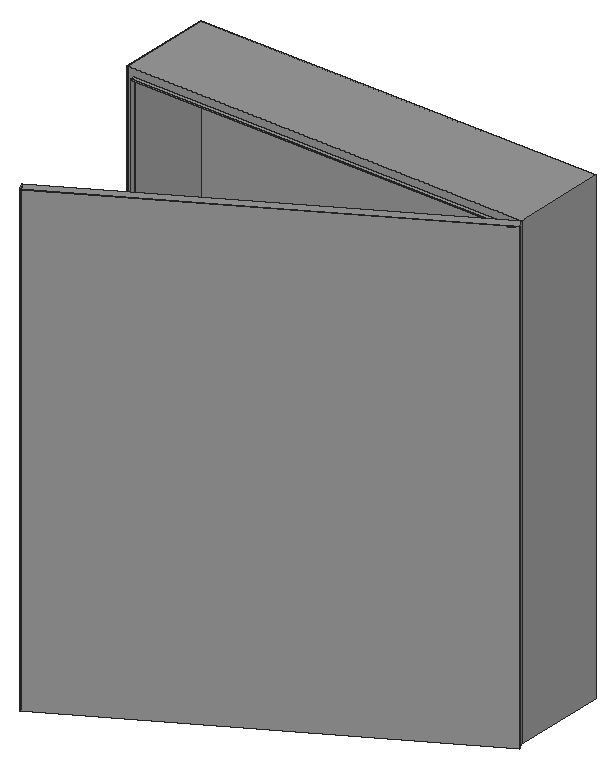
Revit family "Hager-Univers-IP54-D205-H950-Cl.II-Encl-NoHosted-PL-pl", category Electrical Equipment, Revit 2020
Family settings
  Panel Configuration = Two Columns, Circuits Across
  Round Connector Dimension = Use Diameter
  Part Type = Panelboard
  Work Plane-Based = Yes
  Always vertical = Yes
  Cut with Voids When Loaded = No
  Shared = No
  Room Calculation Point = No
Parameters (values of type "Montaż natynkowy IP54 S800 W950 G205  - FP63SW2")
  Width Control [instance] = if([EF000008 - Szerokość] > Min Width, [EF000008 - Szerokość], Min Width)  # 800 mm
  Type Comments = [HG000003 - Zakres]  # "Univers"
  Thickness Door [instance] = if([EF009171 - Drzwi/pokrywa z materiału o wysokiej wytrzymałości mechanicznej] > 3 mm, 3 mm, [EF009171 - Drzwi/pokrywa z materiału o wysokiej wytrzymałości mechanicznej])  # 1 mm
  Seal Frame Offset [instance] = 17 mm  # constant formula
  Plinth Visibility [instance] = [HG000027 - Wysokość cokołu] > 0 mm  # no
  Min Width [instance] = 100 mm  # constant formula
  Min Depth [instance] = (2 * [EF009170 - Obudowa z materiału o wysokiej wytrzymałości mechanicznej]) + 1 mm  # 3 mm
  Min Height [instance] = 100 mm  # constant formula
  Internal Frame Depth [instance] = (Door System Depth * 0.5)  # 9 mm
  Panel Name [instance] = ""  # (empty or 0)
  Model = ""
  HG000027 - Wysokość cokołu = 0 mm
  HG000026 - Stojąca = no
  HG000024 - Wysokość części dolnej = 600 mm
  HG000023 - Obudowa dwusekcyjna = no
  HG000016 - Widoczność drzwi w widoku 3D [instance] = yes
  HG000015 - Przestrzeń robocza - otwarcie drzwi [instance] = no
  HG000014 - Drzwi prawe [instance] = yes
  HG000013 - Drzwi lewe [instance] = not([HG000014 - Drzwi prawe])  # no
  HG000012 - Kąt otwarcia drzwi [instance] = 30.00°
  HG000010 - Drzwi asymetryczne = no
  HG000009 - Drzwi dwuskrzydłowe = no
  HG000006 - Montaż podtynkowy = no
  HG000004 - Referencja producenta = "FP63SW2"
  HG000003 - Zakres = "Univers"
  HG000002 - Z drzwiami lub pokrywą = yes
  Frame Offset Bottom [instance] = 10 mm  # constant formula
  Frame Offset [instance] = 15 mm  # constant formula
  EF015940 - Pokrywa z wyzwalaczem nadciśnieniowym = no
  EF011959 - Stopień ochrony (NEMA) = ""
  EF009554 - Liczba otworów pod flansze = 6
  EF009212 - Wykonanie pokrywy = "EV000116 - Zamknięty"
  EF009171 - Drzwi/pokrywa z materiału o wysokiej wytrzymałości mechanicznej = 1 mm
  EF009170 - Obudowa z materiału o wysokiej wytrzymałości mechanicznej = 1 mm
  EF008873 - Prąd znamionowy (In) = 250 A
  EF007800 - Do ochrony odgromowej = no
  EF006306 - Z zamkiem = no
  EF006244 - Transparentna pokrywa/drzwi = no
  EF005474 - Stopień ochrony (IP) = "EV006419 - IP54"
  EF004464 - Rodzaj drzwi = "EV002646 - Pojedynczy"
  EF004427 - Liczba modułów = 216
  EF004293 - Odporność udarowa = "EV006815 - IK09"
  EF003532 - Do zastosowań zewnętrznych = no
  EF002950 - Szerokość wyrażona liczbą modułów = 36
  EF001613 - Podtrzymanie funkcji = "EV000494 - Brak"
  EF001596 - Materiał obudowy = "EV000179 - Stal"
  EF001131 - Głębokość wewnętrzna = 130 mm
  EF001088 - Możliwość rozbudowy = yes
  EF000437 - Liczba wejść kablowych = 6
  EF000339 - Rodzaj pokrywy = "EV004216 - Drzwi"
  EF000266 - Liczba rzędów = 6
  EF000218 - Głębokość wbudowania = 205 mm
  EF000118 - Z płytą montażową = no
  EF000116 - Numer RAL = "9010"
  EF000049 - Głębokość = 205 mm
  EF000040 - Wysokość = 950 mm
  EF000008 - Szerokość = 800 mm
  EF000007 - Kolor = "EV000202 - Biały"
  EF000003 - Sposób montażu = "EV000384 - Montaż natynkowy"
  Door System Leaf Tolerance [instance] = 1.5 mm  # constant formula
  Door System Depth [instance] = 18 mm  # constant formula
  Door Height [instance] = Height Control - [HG000027 - Wysokość cokołu]  # 950 mm
  Description = ""
  Default Elevation = 1219.2 mm
  Connector Offset [instance] = Height Control / 2  # 475 mm
  Manufacturer = "Hager"  # constant formula
  Height Control [instance] = if([EF000040 - Wysokość] > Min Height, [EF000040 - Wysokość], Min Height)  # 950 mm
  Depth Control [instance] = if([EF000049 - Głębokość] > Min Depth, [EF000049 - Głębokość], Min Depth)  # 205 mm
  Bottom Top Plate Trim [instance] = 1.5 mm  # constant formula
  Plinth height Ctrl [instance] = if([HG000027 - Wysokość cokołu] > 0 mm, [HG000027 - Wysokość cokołu], 12 mm)  # 12 mm
Types (5, lengths in mm): name | Width Control | HG000010 - Drzwi asymetryczne | HG000009 - Drzwi dwuskrzydłowe | HG000004 - Referencja producenta | EF009554 - Liczba otworów pod flansze | EF004464 - Rodzaj drzwi | EF004427 - Liczba modułów | EF002950 - Szerokość wyrażona liczbą modułów | EF000437 - Liczba wejść kablowych | EF000008 - Szerokość
  Montaż natynkowy IP54 S1050 W950 G205  - FP64SW2 | 1050 | no | yes | "FP64SW2" | 8 | "EV003602 - Podwójny" | 288 | 48 | 8 | 1050
  Montaż natynkowy IP54 S1300 W950 G205  - FP65SW2 | 1300 | yes | yes | "FP65SW2" | 10 | "EV003602 - Podwójny" | 360 | 60 | 10 | 1300
  Montaż natynkowy IP54 S300 W950 G205  - FP61SW2 | 300 | no | no | "FP61SW2" | 2 | "EV002646 - Pojedynczy" | 72 | 12 | 2 | 300
  Montaż natynkowy IP54 S550 W950 G205  - FP62SW2 | 550 | no | no | "FP62SW2" | 4 | "EV002646 - Pojedynczy" | 144 | 24 | 4 | 550
  Montaż natynkowy IP54 S800 W950 G205  - FP63SW2 | 800 | no | no | "FP63SW2" | 6 | "EV002646 - Pojedynczy" | 216 | 36 | 6 | 800
Reference planes
  plane 1 "Center (Front/Back)": y = 0
  plane 2: z = 0
  plane 3 "Center (Left/Right)": x = 0
  plane 4: y = 0
  plane 5: y = 0
  plane 6: z = 0
  plane 7: x = -400
  plane 8: x = 400
  plane 9: x = 399
  plane 10: x = -399
  plane 11: z = 0
  plane 12: z = 1
  plane 13: y = -205
  plane 14: y = -1
  plane 15: x = 0
  plane 16: y = -187
  plane 17: y = -204
  plane 18: y = -186
  plane 19: x = -384
  plane 20: x = 384
  plane 21: z = 11
  plane 22: x = -383
  plane 23: x = 383
  plane 24: z = 0
  plane 25: z = 950
  plane 26: z = 950
  plane 27: z = 934
  plane 28: z = 949
Forms (mm)
  Extrusion 1, solid, material "Hager_Steel_RAL7035_Light_Grey", detail levels medium+fine
    sketch origin (-208.679, -4572, 0) x (-1, 0, 0) y (0, -1, 0)
      loop
        line (191.321, -4385) -> (-608.679, -4385) -> (-608.679, -4572) -> (191.321, -4572) -> (191.321, -4385)
    from 0 to 950
  Extrusion 2, void
    sketch origin (-350.771, -205, 1219.2) x (1, 0, 0) y (0, 0, 1)
      loop
        line (-48.229, -270.2) -> (-48.229, -1218.2) -> (749.771, -1218.2) -> (749.771, -270.2) -> (-48.229, -270.2)
    from -19 to -204
  Extrusion 3, void
    sketch origin (-290.084, -187, 1219.2) x (1, 0, 0) y (0, 0, 1)
      loop
        line (-93.916, -1208.2) -> (674.084, -1208.2) -> (674.084, -285.2) -> (-93.916, -285.2) -> (-93.916, -1208.2)
    from 0 to -1
  Extrusion 4, solid, material "Hager_Steel_RAL7035_Light_Grey", visible <- "Plinth Visibility", detail levels medium+fine
    sketch origin (0, 0, 0) x (1, 0, 0) y (0, 1, 0)
      loop
        line (-400, 0) -> (-400, -187) -> (400, -187) -> (400, 0) -> (-400, 0)
    from 0 to 12 <- "Plinth height Ctrl"
  Extrusion 5, solid, material "Hager_Steel_RAL7035_Light_Grey", detail levels coarse
    sketch origin (0, 0, 0) x (1, 0, 0) y (0, 1, 0)
      loop
        line (-400, 0) -> (-400, -205) -> (400, -205) -> (400, 0) -> (-400, 0)
    from 0 to 950 <- "Height Control"
  Sweep 6, void
    path in 3D
      loop
        line (-400, -187, 12) -> (400, -187, 12) -> (400, 0, 12) -> (-400, 0, 12) -> (-400, -187, 12)
    profile origin (-400, -93.5, 12) x (1, 0, 0) y (0, 0, 1)
      loop
        line (0, 0) -> (0, -1.5) -> (1.5, -1.5)
        arc (1.5, -1.5) -> (1.061, -0.439) -> (0, 0) r 1.5
  Extrusion 7, solid, material "Hager_Steel_RAL7035_Light_Grey", detail levels fine
    sketch origin (-400, -187, 0) x (1, 0, 0) y (0, 0, 1)
      loop
        line (16, 11) -> (784, 11) -> (784, 934) -> (16, 934) -> (16, 11)
      loop
        line (15, 10) -> (785, 10) -> (785, 935) -> (15, 935) -> (15, 10)
    from 0 to 9 <- "Internal Frame Depth"
Cuts and joins
  Extrusion 2, Extrusion 3 cuts Extrusion 1
  Sweep 6 cuts Extrusion 4
Lines and regions (mm)
  Masking region 1
    outline origin (0, 0, 0) x (1, 0, 0) y (0, 1, 0)
      loop
        line (-400, 0) -> (-400, -205) -> (400, -205) -> (400, 0) -> (-400, 0)
  Masking region 2, detail levels coarse
    outline origin (-290.084, -187, 1219.2) x (-1, 0, 0) y (0, 0, 1)
      loop
        line (-690.084, -1219.2) -> (109.916, -1219.2) -> (109.916, -269.2) -> (-690.084, -269.2) -> (-690.084, -1219.2)
  Masking region 3, detail levels coarse
    outline origin (0, 0, 0) x (0, 1, 0) y (0, 0, 1)
      loop
        line (0, 0) -> (0, 950) -> (-205, 950) -> (-205, 0) -> (0, 0)
  Masking region 4, visible <- "Plinth Visibility", detail levels medium+fine
    outline origin (0, 0, 0) x (0, 1, 0) y (0, 0, 1)
      loop
        line (-1.5, 12) -> (-185.5, 12)
        arc (-185.5, 12) -> (-185.939, 10.939) -> (-187, 10.5) r 1.5
        line (-187, 10.5) -> (-187, 0) -> (0, 0) -> (0, 10.5)
        arc (0, 10.5) -> (-1.061, 10.939) -> (-1.5, 12) r 1.5
  Masking region 5, detail levels medium+fine
    outline origin (0, 0, 594.038) x (0, 1, 0) y (0, 0, 1)
      loop
        line (0, -594.038) -> (0, 355.962) -> (-187, 355.962) -> (-187, -594.038) -> (0, -594.038)
  Masking region 6, detail levels medium+fine
    outline origin (-359.7, -187, 1211.883) x (-1, 0, 0) y (0, 0, 1)
      loop
        line (-759.7, -1211.883) -> (40.3, -1211.883) -> (40.3, -261.883) -> (-759.7, -261.883) -> (-759.7, -1211.883)
  Masking region 7, visible <- "Plinth Visibility", detail levels medium+fine
    outline origin (-320.334, -187, 1041.368) x (-1, 0, 0) y (0, 0, 1)
      loop
        line (-720.334, -1041.368) -> (79.666, -1041.368) -> (79.666, -1030.868)
        arc (79.666, -1030.868) -> (78.606, -1030.429) -> (78.166, -1029.368) r 1.5
        line (78.166, -1029.368) -> (-718.834, -1029.368)
        arc (-718.834, -1029.368) -> (-719.273, -1030.429) -> (-720.334, -1030.868) r 1.5
        line (-720.334, -1030.868) -> (-720.334, -1041.368)
  sketch lines
    curve 1: line (-400, 0, 12) -> (-400, -187, 12)
    curve 2: line (-400, -187, 12) -> (400, -187, 12)
    curve 3: line (400, 0, 12) -> (-400, 0, 12)
    curve 4: line (400, -187, 12) -> (400, 0, 12)
Dimensions and locks
  locked: plane 1 "Center (Front/Back)" to plane 5
  "EF009170 - Obudowa z materiału o wysokiej wytrzymałości mechanicznej": plane 7 to plane 10
  "EF009170 - Obudowa z materiału o wysokiej wytrzymałości mechanicznej": plane 8 to plane 9
  equal spacing: plane 7, plane 3 "Center (Left/Right)", plane 8
  "Width Control": plane 7 to plane 8
  "Depth Control": plane 4 to plane 13
  "EF009170 - Obudowa z materiału o wysokiej wytrzymałości mechanicznej": plane 4 to plane 14
  "Height Control": plane 25 to level
  "HG000027 - Wysokość cokołu": plane 11 to level
  "EF009170 - Obudowa z materiału o wysokiej wytrzymałości mechanicznej": plane 12 to plane 11
  "EF009170 - Obudowa z materiału o wysokiej wytrzymałości mechanicznej": plane 17 to plane 13
  "EF009170 - Obudowa z materiału o wysokiej wytrzymałości mechanicznej": plane 18 to plane 16
  "Frame Offset Bottom": plane 21 to plane 12
  "Frame Offset": plane 10 to plane 19
  "Frame Offset": plane 9 to plane 20
  "Door System Depth": plane 16 to plane 13
  "Seal Frame Offset": plane 7 to plane 22
  "Seal Frame Offset": plane 8 to plane 23
  "EF009170 - Obudowa z materiału o wysokiej wytrzymałości mechanicznej": plane 26 to plane 28
  "Frame Offset": plane 28 to plane 27
  "Connector Offset": plane 2 to connector elem
  "Bottom Top Plate Trim": profile plane to Sweep 6 sketch curve
  "Bottom Top Plate Trim": Sweep 6 sketch curve to Sweep 6 sketch curve
  "Plinth height Ctrl": Masking region 4 sketch curve to level
  "Plinth height Ctrl": Masking region 7 sketch curve to level
  "Thickness Door": Extrusion 7 sketch curve to Extrusion 7 sketch curve  (x4)
  "Bottom Top Plate Trim": radius of Sweep 6 sketch curve
  "Bottom Top Plate Trim": radius of Masking region 4 sketch curve  (x2)
  "Bottom Top Plate Trim": radius of Masking region 7 sketch curve  (x2)
  aligned and locked: Extrusion 2 sketch curve to plane 12
  aligned and locked: Extrusion 2 sketch curve to plane 9
  aligned and locked: Extrusion 2 sketch curve to plane 10
  aligned and locked: Extrusion 2 to plane 14
  aligned and locked: Extrusion 1 sketch curve to plane 4
  aligned and locked: plane 8 to Extrusion 1 sketch curve
  aligned and locked: plane 7 to Extrusion 1 sketch curve
  aligned and locked: Extrusion 2 to plane 18
  aligned and locked: Extrusion 3 sketch curve to plane 19
  aligned and locked: plane 20 to Extrusion 3 sketch curve
  aligned and locked: Extrusion 3 to Extrusion 2
  aligned and locked: Extrusion 3 sketch curve to plane 21
  aligned and locked: plane 3 "Center (Left/Right)" to nested 1
  aligned and locked: Extrusion 1 sketch curve to plane 16
  aligned and locked: Extrusion 4 sketch curve to cut or joined group of Extrusion 1, Extrusion 2, Extrusion 3
  aligned and locked: Masking region 1 sketch curve to plane 7
  aligned and locked: Masking region 1 sketch curve to plane 5
  aligned and locked: Masking region 1 sketch curve to plane 8
  aligned and locked: Masking region 2 sketch curve to level
  aligned and locked: level to Masking region 3 sketch curve
  aligned and locked: plane 1 "Center (Front/Back)" to Masking region 3 sketch curve
  aligned and locked: plane 13 to Masking region 3 sketch curve
  aligned and locked: plane 5 to Masking region 4 sketch curve
  aligned and locked: Masking region 2 sketch curve to plane 8
  aligned and locked: Masking region 2 sketch curve to plane 7
  aligned and locked: plane 7 to nested 2
  aligned and locked: nested 2 to plane 5
  aligned and locked: plane 5 to Masking region 5 sketch curve
  aligned and locked: plane 26 to Masking region 5 sketch curve
  aligned and locked: Extrusion 5 sketch curve to plane 8
  aligned and locked: Extrusion 5 sketch curve to plane 7
  aligned and locked: Extrusion 5 sketch curve to plane 5
  aligned and locked: Extrusion 3 sketch curve to plane 27
  aligned and locked: Extrusion 2 sketch curve to plane 28
  aligned and locked: Masking region 2 to plane 25
  aligned and locked: Extrusion 4 to plane 16
  aligned and locked: profile plane to Sweep 6 sketch curve
  aligned and locked: Masking region 5 sketch curve to plane 24
  aligned and locked: level to Masking region 4 sketch curve
  aligned and locked: Masking region 1 to plane 13
  aligned and locked: nested 1 to plane 16
  aligned and locked: Masking region 3 to plane 25
  aligned and locked: plane 16 to Masking region 4 sketch curve
  aligned and locked: Masking region 5 sketch curve to plane 16
  aligned and locked: plane 24 to plane 11
  aligned and locked: plane 26 to plane 25
  aligned and locked: plane 26 to cut or joined group of Extrusion 1, Extrusion 2, Extrusion 3
  aligned and locked: nested 1 to plane 24
  aligned and locked: Extrusion 1 to Extrusion 3
  aligned and locked: Masking region 6 sketch curve to plane 8
  aligned and locked: Masking region 6 sketch curve to plane 24
  aligned and locked: Masking region 6 sketch curve to plane 7
  aligned and locked: Masking region 6 sketch curve to plane 26
  aligned and locked: Masking region 7 sketch curve to plane 7
  aligned and locked: level to Masking region 7 sketch curve
  aligned and locked: Masking region 7 sketch curve to plane 8
  aligned and locked: Extrusion 7 sketch curve to cut or joined group of Extrusion 1, Extrusion 2, Extrusion 3  (x4)
Automatic sketch dimensions
  plane 19 to Extrusion 3 sketch curve = 0 mm
  Extrusion 3 sketch curve to plane 20 = 0 mm
  Extrusion 3 sketch curve to plane 21 = 0 mm
  Extrusion 4 sketch curve to plane 7 = 0 mm
  Extrusion 4 sketch curve to plane 8 = 0 mm
  Extrusion 4 sketch curve to plane 16 = 0 mm
  Masking region 1 sketch curve to plane 13 = 0 mm
  Masking region 2 sketch curve to plane 25 = 0 mm
  Masking region 3 sketch curve to plane 25 = 0 mm
  Extrusion 5 sketch curve to plane 13 = 0 mm
  profile plane to Sweep 6 sketch curve = 0 mm
Nested families
  nested 1: "EC000058_Univers_Door" at (0, -187, 0), Double <- "HG000009 - Drzwi dwuskrzydłowe", Transparent <- "EF006244 - Transparentna pokrywa/drzwi", Angle <- "HG000012 - Kąt otwarcia drzwi", Door_Right <- "HG000014 - Drzwi prawe", Assymetrical <- "HG000010 - Drzwi asymetryczne", Door <- "HG000002 - Z drzwiami lub pokrywą", Width_Ctrl <- "Width Control", 3d_Door <- "HG000016 - Widoczność drzwi w widoku 3D", Clearance <- "HG000015 - Przestrzeń robocza - otwarcie drzwi", Door_Left <- "HG000013 - Drzwi lewe", Width <- "Width Control", Door_Depth <- "Door System Depth", Leaf_Tolerance <- "Door System Leaf Tolerance", Height <- "Door Height", Lock_Visibility <- "EF006306 - Z zamkiem", Thickness <- "Thickness Door", type "EC000058_Univers_Door", detail levels medium+fine
    with min_wh 3 mm, Width_Ctrl 800 mm, Width 800 mm, Transparent no, Thickness 1 mm, Seal_Material Hager_Rubber, Lock_Visibility no, Lock_Material Hager_Plastic_RAL9005_Jet_Black, Leaf_Width 800 mm, Leaf_Tolerance_External_Sides 0 mm, Leaf_Tolerance 1.5 mm, Leaf_Offset 0 mm, Leaf_Height 947 mm, Leaf_2_Width 800 mm, Leaf_2_Offset 400 mm, Leaf_1_Width 800 mm, Leaf_1_Offset 400 mm, Height_Ctrl 950 mm, Height 950 mm, Glass_Material Hager_Glass, Double_Clearance_Ctrl no, Double no, Door_Right_Ctrl yes, Door_Right yes, Door_Material Hager_Steel_RAL7035_Light_Grey, Door_Left_Ctrl no, Door_Left no, Door_Depth 18 mm, Door yes, Clearance_Material Hager_Clearance, Clearance_Depth 800 mm, Clearance_Ctrl no, Clearance no, Assymetrical no, Angle 30.00°, 3d_Door yes
  nested 2: "Hager_Enclosure_Symbol" at (-400, 0, 0), Height <- "Depth Control", Width <- "Width Control", type "Hager_Enclosure_Symbol"
    with Width_Ctrl 800 mm, Width 800 mm, Height_Ctrl 205 mm, Height 205 mm, A_Width_Int 13.453 mm, A_Width 161.438 mm, A_Height_Ctrl 179.375 mm, A_Height 179.375 mm
Connectors
  electrical at (0, 0, 475)
    settings: on plane 1 "Center (Front/Back)", index 1, voltage 0 V, apparent load 0 VA, apparent load phase1 0 VA, apparent load phase2 0 VA, apparent load phase3 0 VA, power factor 1, load classification "Other", number of poles 1, system type 30, power factor state 1, is connector primary yes, connector utility no, sub classification motor no, connector description ""
Definition of nested family "EC000058_Univers_Door"
  Parameters (values of type "EC000058_Univers_Door")
    min_wh [instance] = (2 * Thickness) + 1 mm  # 11 mm
    Width_Ctrl [instance] = 400 mm
    Width [instance] = 500 mm
    Transparent [instance] = yes
    Thickness [instance] = 5 mm
    Seal_Material [instance] = none
    Lock_Visibility [instance] = yes
    Lock_Material [instance] = none
    Leaf_Width [instance] = if((Width_Ctrl - 2 * Leaf_Tolerance_External_Sides) > 0 mm, (Width_Ctrl - 2 * Leaf_Tolerance_External_Sides), min_wh)  # 400 mm
    Leaf_Tolerance_External_Sides [instance] = 0 mm  # constant formula
    Leaf_Tolerance [instance] = 1.5 mm
    Leaf_Offset [instance] = 0 mm  # constant formula
    Leaf_Height [instance] = if((Height_Ctrl - 2 * Leaf_Tolerance) > 0 mm, (Height_Ctrl - 2 * Leaf_Tolerance), min_wh)  # 497 mm
    Leaf_2_Width [instance] = if(and(and(Double, Assymetrical), Door_Left), (Leaf_Width / 3) - (Leaf_Tolerance / 2), if(and(and(Double, Assymetrical), Door_Right), (Leaf_Width / 3) * 2 - (Leaf_Tolerance / 2), if(and(Double, not(Assymetrical)), (Leaf_Width / 2) - Leaf_Tolerance, Leaf_Width)))  # 400 mm
    Leaf_2_Offset [instance] = if(and(Double, Assymetrical), Leaf_2_Width / 2, if(and(Double, not(Assymetrical)), Leaf_Width / 4, Leaf_Width / 2))  # 200 mm
    Leaf_1_Width [instance] = if(and(and(Double, Assymetrical), Door_Right), (Leaf_Width / 3) - (Leaf_Tolerance / 2), if(and(and(Double, Assymetrical), Door_Left), (Width / 3) * 2 - (Leaf_Tolerance / 2), if(and(Double, not(Assymetrical)), (Leaf_Width / 2) - Leaf_Tolerance, Leaf_Width)))  # 400 mm
    Leaf_1_Offset [instance] = if(and(Double, Assymetrical), Leaf_1_Width / 2, if(and(Double, not(Assymetrical)), Leaf_Width / 4, Leaf_Width / 2))  # 200 mm
    Height_Ctrl [instance] = if(Height > min_wh, Height, min_wh)  # 500 mm
    Height [instance] = 500 mm
    Glass_Material [instance] = none
    Double_Clearance_Ctrl [instance] = and(Double, Clearance)  # no
    Double [instance] = no
    Door_Right_Ctrl [instance] = and(or(Door_Right, Double), Door)  # yes
    Door_Right [instance] = yes
    Door_Material [instance] = none
    Door_Left_Ctrl [instance] = and(or(Door_Left, Double), Door)  # no
    Door_Left [instance] = no
    Door_Depth [instance] = 30 mm
    Door [instance] = yes
    Default Elevation = 1219.2 mm
    Clearance_Material [instance] = none
    Clearance_Depth [instance] = if(Leaf_1_Width > Leaf_2_Width, Leaf_1_Width, Leaf_2_Width)  # 400 mm
    Clearance_Ctrl [instance] = and(not(Double), Clearance)  # yes
    Clearance [instance] = yes
    Assymetrical [instance] = yes
    Angle [instance] = 30.00°
    3d_Door [instance] = yes
  Reference planes
    plane 1 "Center (Front/Back)": y = 0
    plane 2 "Bottom": z = 0
    plane 3 "Center (Left/Right)": x = 0
    plane 4: z = 500
    plane 5: x = -200
    plane 6: x = 200
    plane 7: z = 500
    plane 8: x = -200
    plane 9: z = 0
    plane 10: x = 200
    plane 11: y = 0
    plane 12: z = 1.5
    plane 13: x = -600
    plane 14: y = -400
    plane 15: x = 600
    plane 16: x = 0
    plane 17: x = 0
    plane 18: x = -200
    plane 19: x = 200
    plane 20: z = 498.5
  Forms (mm)
    Extrusion 1, solid, material <- "Clearance_Material", visible <- "Double_Clearance_Ctrl"
      sketch origin (1200, 0, 0) x (1, 0, 0) y (0, 0, -1)
        loop
          line (-1800, -498.5) -> (-600, -498.5) -> (-600, 0) -> (-1800, 0) -> (-1800, -498.5)
      from 0 to -400
  Dimensions and locks
    equal spacing: plane 5, plane 3 "Center (Left/Right)", plane 6
    "Width_Ctrl": plane 5 to plane 6
    "Leaf_Offset": plane 5 to plane 8
    "Leaf_Offset": plane 6 to plane 10
    "Leaf_Offset": plane 9 to level
    "Leaf_Offset": plane 4 to plane 7
    "Height_Ctrl": plane 4 to level
    "Leaf_Tolerance": plane 12 to plane 9
    locked: plane 11 to plane 1 "Center (Front/Back)"
    "Leaf_1_Offset": plane 18 to plane 16
    "Leaf_2_Offset": plane 17 to plane 19
    "Leaf_1_Width": plane 13 to plane 8
    "Leaf_2_Width": plane 10 to plane 15
    "Clearance_Depth": plane 14 to plane 1 "Center (Front/Back)"
    "Leaf_Tolerance_External_Sides": plane 8 to plane 18
    "Leaf_Tolerance_External_Sides": plane 19 to plane 10
    "Leaf_Tolerance": plane 7 to plane 20
    aligned and locked: level to plane 2 "Bottom"
    aligned and locked: nested 1 to plane 16
    aligned and locked: nested 2 to plane 17
    aligned and locked: Extrusion 1 to plane 13
    aligned and locked: plane 15 to Extrusion 1
    aligned and locked: Extrusion 1 to plane 14
    aligned and locked: plane 12 to nested 1
    aligned and locked: nested 2 to plane 12
    aligned and locked: Extrusion 1 to plane 11
    aligned and locked: plane 20 to Extrusion 1
    aligned and locked: nested 2 to plane 11
    aligned and locked: nested 1 to plane 11
  Automatic sketch dimensions
    Extrusion 1 sketch curve to level = 0 mm
    plane 5 to Extrusion 1 sketch curve = 400 mm
    plane 6 to Extrusion 1 sketch curve = 400 mm
    Extrusion 1 sketch curve to plane 4 = 1.5 mm
  Nested families
    nested 1: "EC000058_Univers_Door_Leaf" at (0, 0, 1.5), Width <- "Leaf_1_Width", visible <- "Door_Left_Ctrl", Leaf_Height <- "Leaf_Height", Angle <- "Angle", 3d_Door <- "3d_Door", Transparent <- "Transparent", Clearance Material <- "Clearance_Material", Clearance <- "Clearance_Ctrl", Door_Material <- "Door_Material", Glass_Material <- "Glass_Material", Door_Depth <- "Door_Depth", Lock_Material <- "Lock_Material", Seal_Material <- "Seal_Material", Lock_Visibility <- "Lock_Visibility", Thickness <- "Thickness", type "EC000058_Univers_Door_Leaf"
      with Width 400 mm, Transparent_Glass_Offset 30 mm, Transparent_Ctrl yes, Transparent yes, Thickness 5 mm, Standard no, Seal_Material none, Seal_D2 8 mm, Seal_D1 1 mm, Offset_Internal_Frame 10 mm, Lock_Width 20 mm, Lock_Visibility_3d yes, Lock_Visibility yes, Lock_Thickness_3 3 mm, Lock_Thickness_2 1 mm, Lock_Thickness_1 3 mm, Lock_Radius_Offset_2 16 mm, Lock_Radius_Offset_1 15 mm, Lock_Radius_2 5 mm, Lock_Radius 6 mm, Lock_Offset 5 mm, Lock_Material none, Lock_Height 80 mm, Lock_Cover_Top_Offset_2d 17 mm, Lock_Cover_Height -65 mm, Leaf_Height 497 mm, Internal_Seal_Thickness 8 mm, Internal_Seal_Depth_2 4.5 mm, Internal_Frame_Depth 25 mm, Glass_Thickness -1 mm, Glass_Offset -2 mm, Glass_Material none, Door_Material none, Door_Depth 30 mm, Clearance Material none, Clearance yes, Angle_Ctrl 30.00°, Angle 30.00°, 3d_Door yes
    nested 2: "EC000058_Univers_Door_Leaf" at (0, 0, 1.5) x (-1, 0, 0) z (0, 0, 1), Width <- "Leaf_2_Width", visible <- "Door_Right_Ctrl", Leaf_Height <- "Leaf_Height", Angle <- "Angle", 3d_Door <- "3d_Door", Transparent <- "Transparent", Clearance Material <- "Clearance_Material", Clearance <- "Clearance_Ctrl", Door_Material <- "Door_Material", Glass_Material <- "Glass_Material", Door_Depth <- "Door_Depth", Lock_Material <- "Lock_Material", Seal_Material <- "Seal_Material", Lock_Visibility <- "Lock_Visibility", Thickness <- "Thickness", type "EC000058_Univers_Door_Leaf"
      with Width 400 mm, Transparent_Glass_Offset 30 mm, Transparent_Ctrl yes, Transparent yes, Thickness 5 mm, Standard no, Seal_Material none, Seal_D2 8 mm, Seal_D1 1 mm, Offset_Internal_Frame 10 mm, Lock_Width 20 mm, Lock_Visibility_3d yes, Lock_Visibility yes, Lock_Thickness_3 3 mm, Lock_Thickness_2 1 mm, Lock_Thickness_1 3 mm, Lock_Radius_Offset_2 16 mm, Lock_Radius_Offset_1 15 mm, Lock_Radius_2 5 mm, Lock_Radius 6 mm, Lock_Offset 5 mm, Lock_Material none, Lock_Height 80 mm, Lock_Cover_Top_Offset_2d 17 mm, Lock_Cover_Height -65 mm, Leaf_Height 497 mm, Internal_Seal_Thickness 8 mm, Internal_Seal_Depth_2 4.5 mm, Internal_Frame_Depth 25 mm, Glass_Thickness -1 mm, Glass_Offset -2 mm, Glass_Material none, Door_Material none, Door_Depth 30 mm, Clearance Material none, Clearance yes, Angle_Ctrl 30.00°, Angle 30.00°, 3d_Door yes
  Definition of nested family "EC000058_Univers_Door_Leaf"
    Parameters (values of type "EC000058_Univers_Door_Leaf")
      Width [instance] = 2000 mm
      Transparent_Glass_Offset [instance] = 30 mm
      Transparent_Ctrl [instance] = and(Transparent, [3d_Door])  # yes
      Transparent [instance] = yes
      Thickness [instance] = 5 mm
      Standard [instance] = and(not(Transparent), [3d_Door])  # no
      Seal_Material [instance] = none
      Seal_D2 [instance] = 8 mm  # constant formula
      Seal_D1 [instance] = 1 mm  # constant formula
      Offset_Internal_Frame [instance] = 10 mm  # constant formula
      Lock_Width [instance] = 20 mm  # constant formula
      Lock_Visibility_3d [instance] = and(Lock_Visibility, [3d_Door])  # yes
      Lock_Visibility [instance] = yes
      Lock_Thickness_3 [instance] = 3 mm  # constant formula
      Lock_Thickness_2 [instance] = 1 mm  # constant formula
      Lock_Thickness_1 [instance] = 3 mm  # constant formula
      Lock_Radius_Offset_2 [instance] = Lock_Radius_Offset_1 + 1 mm  # 16 mm
      Lock_Radius_Offset_1 [instance] = 15 mm  # constant formula
      Lock_Radius_2 [instance] = Lock_Radius - 1 mm  # 5 mm
      Lock_Radius [instance] = 6 mm  # constant formula
      Lock_Offset [instance] = 5 mm  # constant formula
      Lock_Material [instance] = none
      Lock_Height [instance] = 80 mm  # constant formula
      Lock_Cover_Top_Offset_2d [instance] = Lock_Radius_Offset_2 + 1 mm  # 17 mm
      Lock_Cover_Height [instance] = -(Lock_Height - Lock_Radius_Offset_1)  # -65 mm
      Leaf_Height [instance] = 2720.336 mm
      Internal_Seal_Thickness [instance] = 8 mm  # constant formula
      Internal_Seal_Depth_2 [instance] = 4.5 mm  # constant formula
      Internal_Frame_Depth [instance] = if(Door_Depth - Thickness > 5 mm, Door_Depth - Thickness, 5 mm)  # 25 mm
      Glass_Thickness [instance] = if(Thickness > 15 mm, Glass_Offset + 10 mm, -1 mm)  # -1 mm
      Glass_Offset [instance] = if(Thickness > 15 mm, -(Thickness + 10 mm) / 2, -2 mm)  # -2 mm
      Glass_Material [instance] = none
      Door_Material [instance] = none
      Door_Depth [instance] = 30 mm
      Default Elevation = 0 mm
      Clearance Material [instance] = none
      Clearance [instance] = yes
      Angle_Ctrl [instance] = if(Angle > 180.00°, 180.00°, Angle)  # 90.00°
      Angle [instance] = 90.00°
      3d_Door [instance] = yes
    Reference planes
      plane 1 "Center (Front/Back)": y = 0
      plane 2: z = 0
      plane 3 "Center (Left/Right)": x = 0
      plane 4: y = 2000
      plane 5: x = -1000
      plane 6: x = 1000
      plane 7: x = -3000
      plane 8: z = 2720.336
      plane 9: z = 30
      plane 10: z = 2690.336
      plane 11: x = 970
      plane 12: x = -970
      plane 13: y = -3
      plane 14: z = 107.833
      plane 15: y = -5
      plane 16: y = -223.314
      plane 17: x = -1000
      plane 18: z = 1360.168
      plane 19: y = 30
    Forms (mm)
      Extrusion 1, solid, material <- "Clearance Material", visible <- "Clearance"
        sketch origin (0, 0, 0) x (1, 0, 0) y (0, 0, 1)
          loop
            line (-3000, 2720.336) -> (-3000, 0) -> (1000, 0) -> (1000, 2720.336) -> (-3000, 2720.336)
        from 0 to -2000
      Extrusion 2, solid, material <- "Door_Material", visible <- "Standard", detail levels medium+fine
        sketch origin (-1000, 0, 0) x (0, 1, 0) y (-1, 0, 0)
          loop
            line (0, 30) -> (0, 25) -> (2000, 25) -> (2000, 30) -> (0, 30)
        from 0 to 2720.336 <- "Leaf_Height"
      Extrusion 3, solid, material <- "Door_Material", visible <- "Transparent_Ctrl", detail levels medium+fine
        sketch origin (-1000, 0, 0) x (0, 1, 0) y (-1, 0, 0)
          loop
            line (0, 25) -> (2000, 25) -> (2000, 30) -> (0, 30) -> (0, 25)
        from 0 to 2720.336 <- "Leaf_Height"
      Extrusion 4, void
        sketch origin (-1025, 2000, 0) x (0, 1, 0) y (0, 0, -1)
          loop
            line (-30, -2690.336) -> (-30, -30) -> (-1970, -30) -> (-1970, -2690.336) -> (-30, -2690.336)
        from 0 to 5 <- "Thickness"
      Sweep 5, solid, material <- "Seal_Material", visible <- "Transparent_Ctrl", detail levels fine
        path in 3D
          loop
            line (-1025, 30, 30) -> (-1025, 30, 2690.336) -> (-1025, 1970, 2690.336) -> (-1025, 1970, 30) -> (-1025, 30, 30)
        profile origin (-1025, 1000, 30) x (1, 0, 0) y (0, 0, 1)
          loop
            line (0, 0) -> (0, -8) -> (1, -8) -> (1, 0) -> (0, 0)
      Extrusion 6, solid, material <- "Glass_Material", visible <- "Transparent_Ctrl", detail levels medium+fine
        sketch origin (-1030, 0, 0) x (0, 1, 0) y (0, 0, -1)
          loop
            line (1970, -2690.336) -> (1970, -30) -> (30, -30) -> (30, -2690.336) -> (1970, -2690.336)
        from -2 <- "Glass_Offset" to -1 <- "Glass_Thickness"
      Extrusion 7, solid, material <- "Door_Material", visible <- "3d_Door", detail levels medium+fine
        sketch origin (-1025, 2000, 0) x (0, -1, 0) y (0, 0, -1)
          loop
            line (0, -2720.336) -> (2000, -2720.336) -> (2000, 0) -> (0, 0) -> (0, -2720.336)
          loop
            line (1995, -5) -> (5, -5) -> (5, -2715.336) -> (1995, -2715.336) -> (1995, -5)
        from 0 to 25 <- "Internal_Frame_Depth"
      Sweep 8, solid, material <- "Seal_Material", visible <- "Transparent_Ctrl", detail levels fine
        path in 3D
          loop
            line (-1025, 0, 0) -> (-1025, 2000, 0) -> (-1025, 2000, 2720.336) -> (-1025, 0, 2720.336) -> (-1025, 0, 0)
        profile origin (-1025, 0, 1360.168) x (1, 0, 0) y (0, 1, 0)
          loop
            line (0, 10) -> (2.975, 10)
            arc (2.975, 10) -> (4.053, 10.447) -> (4.5, 11.525) r 1.525
            line (4.5, 11.525) -> (4.5, 16.527)
            arc (4.5, 16.527) -> (4.069, 17.569) -> (3.027, 18) r 1.473
            line (3.027, 18) -> (0, 18) -> (0, 10)
      Extrusion 9, solid, material <- "Lock_Material", visible <- "Lock_Visibility_3d", detail levels fine
        sketch origin (-1030, 0, 0) x (0, 1, 0) y (0, 0, -1)
          loop
            arc (1993.5, -1400.168) -> (1994.561, -1399.729) -> (1995, -1398.668) r 1.5
            line (1995, -1398.668) -> (1995, -1320.168) -> (1975, -1320.168) -> (1975, -1398.668)
            arc (1975, -1398.668) -> (1975.439, -1399.729) -> (1976.5, -1400.168) r 1.5
            line (1976.5, -1400.168) -> (1993.5, -1400.168)
        from 3 <- "Lock_Thickness_1" to 0
      Blend 10, solid, material <- "Lock_Material", visible <- "Lock_Visibility_3d", detail levels fine
        base sketch origin (-1033, 0, 0) x (0, 1, 0) y (0, 0, -1)
          loop
            line (1975, -1320.168) -> (1975, -1398.668)
            arc (1975, -1398.668) -> (1975.439, -1399.729) -> (1976.5, -1400.168) r 1.5
            line (1976.5, -1400.168) -> (1993.5, -1400.168)
            arc (1993.5, -1400.168) -> (1994.561, -1399.729) -> (1995, -1398.668) r 1.5
            line (1995, -1398.668) -> (1995, -1320.168) -> (1975, -1320.168)
        top sketch origin (-1033, 0, 0) x (0, 1, 0) y (0, 0, -1)
          loop
            line (1976, -1320.168) -> (1976, -1398.668)
            arc (1976, -1398.668) -> (1976.146, -1399.022) -> (1976.5, -1399.168) r 0.5
            line (1976.5, -1399.168) -> (1993.5, -1399.168)
            arc (1993.5, -1399.168) -> (1993.854, -1399.022) -> (1994, -1398.668) r 0.5
            line (1994, -1398.668) -> (1994, -1320.168) -> (1976, -1320.168)
        from 0 to 1 <- "Lock_Thickness_2"
      Blend 11, solid, material <- "Lock_Material", visible <- "Lock_Visibility_3d", detail levels fine
        base sketch origin (-1034, 0, 0) x (0, 1, 0) y (0, 0, -1)
          loop
            line (1978, -1320.168) -> (1978, -1384.168)
            arc (1978, -1384.168) -> (1985, -1391.168) -> (1992, -1384.168) r 7
            line (1992, -1384.168) -> (1992, -1320.168) -> (1978, -1320.168)
        top sketch origin (-1034, 0, 0) x (0, 1, 0) y (0, 0, -1)
          loop
            line (1991, -1320.168) -> (1979, -1320.168) -> (1979, -1383.168)
            arc (1979, -1383.168) -> (1985, -1389.168) -> (1991, -1383.168) r 6
            line (1991, -1383.168) -> (1991, -1320.168)
        from 0 to 3 <- "Lock_Thickness_3"
      Extrusion 12, solid, material <- "Lock_Material", visible <- "Lock_Visibility_3d", detail levels fine
        sketch origin (-1030, 1975, 1320.168) x (1, 0, 0) y (0, -1, 0)
          loop
            line (-7, -19) -> (-7, -1) -> (0, -1) -> (0, 0) -> (-8, 0) -> (-8, -20) -> (0, -20) -> (0, -19) -> (-7, -19)
        from 0 to -65 <- "Lock_Cover_Height"
      Extrusion 13, void
        sketch origin (-1038, 1995, 1320.168) x (-1, 0, 0) y (0, 0, -1)
          loop
            line (-5, -65) -> (0, -65) -> (-5, -60) -> (-5, -65)
        from 0 to 20 <- "Lock_Width"
      Extrusion 14, void
        sketch origin (-1038, 1975, 1320.168) x (0, -1, 0) y (0, 0, -1)
          loop
            circle (-10, -15.995) r 6
          loop
            circle (-10, -15.995) r 5
        from 0 to 2
      Extrusion 15, solid, material <- "Lock_Material", visible <- "Lock_Visibility_3d", detail levels medium
        sketch origin (-1030, 0, 0) x (0, 1, 0) y (0, 0, -1)
          loop
            arc (1993.5, -1400.168) -> (1994.561, -1399.729) -> (1995, -1398.668) r 1.5
            line (1995, -1398.668) -> (1995, -1320.168) -> (1975, -1320.168) -> (1975, -1398.668)
            arc (1975, -1398.668) -> (1975.439, -1399.729) -> (1976.5, -1400.168) r 1.5
            line (1976.5, -1400.168) -> (1993.5, -1400.168)
        from 8 to 0
    Cuts and joins
      Extrusion 4 cuts Extrusion 3
      Extrusion 13, Extrusion 14 cuts Extrusion 9
      Extrusion 14 cuts Blend 11
      Extrusion 13, Extrusion 14 cuts Extrusion 12
      joined: Extrusion 9, Blend 10, Blend 11, Extrusion 12
      Extrusion 14 cuts Extrusion 15
    Lines and regions (mm)
      Masking region 1, visible <- "Lock_Visibility", detail levels fine
        outline origin (0, 0, 0) x (0, 1, 0) y (0, 0, 1)
          loop
            line (30, 1320.168) -> (33, 1320.168) -> (33, 1400.168) -> (30, 1400.168) -> (30, 1320.168)
      Masking region 2, visible <- "Lock_Visibility", detail levels fine
        outline origin (0, 3.143, 0) x (0, 1, 0) y (0, 0, 1)
          loop
            line (29.857, 1354.168) -> (30.857, 1354.168) -> (30.857, 1366.168) -> (29.857, 1366.168) -> (29.857, 1354.168)
      Masking region 3, detail levels medium+fine
        outline origin (0, 0, 0) x (0, 1, 0) y (0, 0, 1)
          loop
            line (0, 0) -> (30, 0) -> (30, 2720.336) -> (0, 2720.336) -> (0, 0)
      Masking region 4, detail levels medium+fine
        outline origin (0, 0, 0) x (1, 0, 0) y (0, 0, 1)
          loop
            line (-1000, 2720.336) -> (-1000, 0) -> (1000, 0) -> (1000, 2720.336) -> (-1000, 2720.336)
      Masking region 5, visible <- "Lock_Visibility", detail levels fine
        outline origin (-47.116, 0, 0) x (1, 0, 0) y (0, 0, 1)
          loop
            arc (1024.616, 1399.168) -> (1023.556, 1398.729) -> (1023.116, 1397.668) r 1.5
            line (1023.116, 1397.668) -> (1023.116, 1320.168) -> (1041.116, 1320.168) -> (1041.116, 1397.668)
            arc (1041.116, 1397.668) -> (1040.677, 1398.729) -> (1039.616, 1399.168) r 1.5
            line (1039.616, 1399.168) -> (1024.616, 1399.168)
      Masking region 6, visible <- "Lock_Visibility", detail levels medium+fine
        outline origin (-25, 0, 0) x (1, 0, 0) y (0, 0, 1)
          loop
            arc (1001.5, 1400.168) -> (1000.439, 1399.729) -> (1000, 1398.668) r 1.5
            line (1000, 1398.668) -> (1000, 1320.168) -> (1020, 1320.168) -> (1020, 1398.668)
            arc (1020, 1398.668) -> (1019.561, 1399.729) -> (1018.5, 1400.168) r 1.5
            line (1018.5, 1400.168) -> (1001.5, 1400.168)
      Masking region 7, visible <- "Lock_Visibility", detail levels fine
        outline origin (-73.735, 0, 0) x (1, 0, 0) y (0, 0, 1)
          loop
            line (1051.735, 1382.168) -> (1065.735, 1382.168) -> (1065.735, 1384.168)
            arc (1065.735, 1384.168) -> (1058.735, 1391.168) -> (1051.735, 1384.168) r 7
            line (1051.735, 1384.168) -> (1051.735, 1382.168)
      Masking region 8, visible <- "Lock_Visibility", detail levels fine
        outline origin (-73.735, 0, 0) x (1, 0, 0) y (0, 0, 1)
          loop
            line (1052.735, 1382.168) -> (1064.735, 1382.168) -> (1064.735, 1383.168)
            arc (1064.735, 1383.168) -> (1058.735, 1389.168) -> (1052.735, 1383.168) r 6
            line (1052.735, 1383.168) -> (1052.735, 1382.168)
      Masking region 9, visible <- "Lock_Visibility", detail levels fine
        outline origin (-25, 0, 0) x (1, 0, 0) y (0, 0, 1)
          loop
            line (1020, 1320.168) -> (1020, 1382.168) -> (1000, 1382.168) -> (1000, 1320.168) -> (1020, 1320.168)
      Masking region 10, detail levels medium+fine
        outline origin (0, 0, 0) x (1, 0, 0) y (0, 0, 1)
          loop
            circle (985, 1335.144) r 6
      Masking region 11, detail levels fine
        outline origin (0, 0, 0) x (1, 0, 0) y (0, 0, 1)
          loop
            circle (985, 1335.144) r 5
      Masking region 12, visible <- "Lock_Visibility", detail levels fine
        outline origin (0, 12.767, 0) x (0, 1, 0) y (0, 0, 1)
          loop
            line (20.233, 1320.168) -> (21.233, 1320.168) -> (21.233, 1399.168) -> (20.233, 1400.168) -> (20.233, 1320.168)
      Masking region 13, visible <- "Lock_Visibility", detail levels fine
        outline origin (0, 13.767, -10) x (0, 1, 0) y (0, 0, 1)
          loop
            line (20.233, 1330.168) -> (23.233, 1330.168) -> (23.233, 1399.168) -> (20.233, 1402.168) -> (20.233, 1330.168)
      Masking region 14, visible <- "Lock_Visibility", detail levels fine
        outline origin (0, 12.767, -10) x (0, 1, 0) y (0, 0, 1)
          loop
            line (20.233, 1330.168) -> (25.233, 1330.168) -> (25.233, 1399.305) -> (20.233, 1394.305) -> (20.233, 1330.168)
      Masking region 15, visible <- "Lock_Visibility", detail levels medium
        outline origin (0, 0, 0) x (0, 1, 0) y (0, 0, 1)
          loop
            line (30, 1320.168) -> (38, 1320.168) -> (38, 1400.168) -> (30, 1400.168) -> (30, 1320.168)
      Masking region 16, visible <- "Lock_Visibility", detail levels fine
        outline origin (-1000, 0, 0) x (0, 1, 0) y (-1, 0, 0)
          loop
            line (1975, 30) -> (1995, 30) -> (1995, 38) -> (1975, 38) -> (1975, 30)
          loop
            line (1979, 37) -> (1976, 37) -> (1976, 34) -> (1978, 34) -> (1979, 37)
          loop
            line (1994, 37) -> (1991, 37) -> (1992, 34) -> (1994, 34) -> (1994, 37)
      Masking region 17, visible <- "Lock_Visibility", detail levels medium
        outline origin (-1000, 0, 0) x (0, 1, 0) y (-1, 0, 0)
          loop
            line (1975, 30) -> (1995, 30) -> (1995, 38) -> (1975, 38) -> (1975, 30)
      symbolic lines
        curve 1: line (1000, 0, 0) -> (-3000, 0, 0)
        curve 2: arc (1000, 0, 0) -> (-1000, 2000, 0) -> (-3000, 0, 0) r 2000
        curve 4: line (-1030, 0, 0) -> (-1030, 2000, 0)
      reference lines
        curve 3: line (-1000, 0, 0) -> (-1000, 2000, 0)
      symbolic lines, detail levels medium+fine
        curve 5: line (-1030, 2000, 0) -> (-1025, 2000, 0)
        curve 7: line (-1025, 0, 0) -> (-1030, 0, 0)
        curve 8: line (-1025, 0, 0) -> (-1000, 0, 0)
        curve 9: line (-1000, 0, 0) -> (-1000, 2000, 0)
        curve 10: line (-1000, 2000, 0) -> (-1025, 2000, 0)
      symbolic lines, detail levels fine
        curve 6: line (-1025, 2000, 0) -> (-1025, 0, 0)
      sketch lines
        curve 11: line (-1025, 0, 2720.336) -> (-1025, 0, 0)
        curve 12: line (-1025, 2000, 0) -> (-1025, 0, 0)
        curve 13: line (-1025, 2000, 2720.336) -> (-1025, 2000, 0)
        curve 14: line (-1025, 0, 2720.336) -> (-1025, 2000, 2720.336)
        curve 15: line (-1025, 1970, 30) -> (-1025, 30, 30)
        curve 16: line (-1025, 30, 30) -> (-1025, 30, 2690.336)
        curve 17: line (-1025, 1970, 2690.336) -> (-1025, 1970, 30)
        curve 18: line (-1025, 30, 2690.336) -> (-1025, 1970, 2690.336)
      symbolic lines, visible <- "Transparent", detail levels medium+fine
        curve 19: line (-970, 0, 2690.336) -> (970, 0, 2690.336)
        curve 20: line (-970, 0, 30) -> (-970, 0, 2690.336)
        curve 21: line (970, 0, 30) -> (-970, 0, 30)
        curve 22: line (970, 0, 2690.336) -> (970, 0, 30)
    Dimensions and locks
      "Width": plane 1 "Center (Front/Back)" to plane 4
      equal spacing: plane 5, plane 3 "Center (Left/Right)", plane 6
      "Width": plane 5 to plane 6
      "Width": plane 7 to plane 5
      "Leaf_Height": plane 8 to level
      "Width": curve 5 to curve 3
      "Width": curve 3 to curve 3
      plane 8 to plane 10 = 30 mm
      plane 9 to level = 30 mm
      plane 12 to plane 5 = 30 mm
      plane 6 to plane 11 = 30 mm
      Extrusion 1 to Extrusion 4 sketch curve = 30 mm
      "Transparent_Glass_Offset": curve 3 to Extrusion 4 sketch curve
      "Transparent_Glass_Offset": Extrusion 4 sketch curve to cut or joined group of Extrusion 3, Extrusion 4  (x2)
      cut or joined group of Extrusion 3, Extrusion 4 to Extrusion 6 sketch curve = 30 mm
      "Transparent_Glass_Offset": cut or joined group of Extrusion 3, Extrusion 4 to Extrusion 4 sketch curve
      "Thickness": curve 6 to curve 4
      "Thickness": Extrusion 7 sketch curve to Extrusion 7 sketch curve  (x4)
      "Door_Depth": curve 4 to curve 3
      "Offset_Internal_Frame": profile plane to Sweep 8 sketch curve
      "Internal_Seal_Thickness": Sweep 8 sketch curve to Sweep 8 sketch curve
      "Internal_Seal_Depth_2": profile plane to Sweep 8 sketch curve
      "Seal_D1": profile plane to Sweep 5 sketch curve
      "Seal_D2": profile plane to Sweep 5 sketch curve
      "Thickness": Extrusion 2 sketch curve to Extrusion 2 sketch curve
      equal spacing: Extrusion 9 sketch curve, plane 18, Extrusion 9 sketch curve  (x2)
      equal spacing: Masking region 1 sketch curve, plane 18, Masking region 1 sketch curve
      "Lock_Height": Masking region 1 sketch curve to Masking region 1 sketch curve
      "Lock_Radius": Masking region 2 sketch curve to plane 18 to Masking region 2 sketch curve
      Masking region 2 sketch curve to Masking region 1 = 1 mm
      "Door_Depth": plane 19 to plane 1 "Center (Front/Back)"
      "Lock_Thickness_1": Masking region 1 sketch curve to plane 19
      "Lock_Width": Extrusion 9 sketch curve to Extrusion 9 sketch curve
      "Lock_Height": Extrusion 9 sketch curve to Extrusion 9 sketch curve
      "Lock_Offset": cut or joined group of Extrusion 3, Extrusion 4 to Extrusion 9 sketch curve
      equal spacing: plane 8, plane 18, level
      "Lock_Radius_Offset_1": Blend 11 sketch curve to Blend 10
      locked: Blend 10 to Blend 11 sketch curve at 2  (x2)
      locked: var sketch to Blend 11 sketch curve at 1  (x2)
      "Lock_Radius_Offset_2": Blend 11 sketch curve to Blend 10
      locked: Extrusion 12 sketch curve to Extrusion 12 sketch curve at 1  (x3)
      Masking region 6 sketch curve to Masking region 6 sketch curve = 80 mm
      "Lock_Height": Masking region 6 sketch curve to Masking region 6 sketch curve
      "Lock_Width": Masking region 6 sketch curve to Masking region 6 sketch curve
      locked: Masking region 6 to Masking region 5 sketch curve at 1  (x3)
      locked: Masking region 5 to Masking region 7 sketch curve at 2  (x2)
      "Lock_Radius_Offset_1": Masking region 5 to Masking region 7 sketch curve
      "Lock_Radius_Offset_2": Masking region 5 to Masking region 8 sketch curve
      locked: Masking region 7 to Masking region 8 sketch curve at 1  (x2)
      "Lock_Cover_Top_Offset_2d": Masking region 5 to Masking region 9 sketch curve
      equal spacing: Masking region 9, Masking region 10 sketch curve, Masking region 9
      equal spacing: Masking region 9, Masking region 11 sketch curve, Masking region 9
      Extrusion 15 sketch curve to Extrusion 15 sketch curve = 80 mm
      "Lock_Width": Extrusion 15 sketch curve to Extrusion 15 sketch curve
      "Lock_Height": Extrusion 15 sketch curve to Extrusion 15 sketch curve
      equal spacing: Extrusion 15 sketch curve, plane 18, Extrusion 15 sketch curve
      "Lock_Thickness_3": Masking region 13 sketch curve to Masking region 13 sketch curve
      "Lock_Height": Masking region 12 sketch curve to Masking region 12 sketch curve
      locked: Masking region 13 sketch curve to Masking region 1 at 8
      locked: Masking region 14 sketch curve to Masking region 13 at 1
      locked: Masking region 14 sketch curve to Masking region 1 at 10.863
      "Lock_Height": Masking region 15 sketch curve to Masking region 15 sketch curve
      "Lock_Offset": Extrusion 15 sketch curve to cut or joined group of Extrusion 3, Extrusion 4
      "Lock_Offset": plane 6 to Masking region 6 sketch curve
      radius of Sweep 8 sketch curve = 1.525 mm
      radius of Sweep 8 sketch curve = 1.473 mm
      radius of Extrusion 9 sketch curve = 1.5 mm  (x2)
      "Lock_Radius": radius of Extrusion 14 sketch curve
      "Lock_Radius_2": radius of Extrusion 14 sketch curve
      "Lock_Radius": radius of Masking region 10 sketch curve
      "Lock_Radius_2": radius of Masking region 11 sketch curve
      radius of Extrusion 15 sketch curve = 1.5 mm  (x2)
      "Angle_Ctrl": angle plane 1 "Center (Front/Back)" to curve 3
      locked: Masking region 12 sketch curve to Masking region 12 sketch curve (angle 45.00°)
      locked: Masking region 13 sketch curve to Masking region 13 sketch curve (angle 45.00°)
      locked: Masking region 14 sketch curve to Masking region 14 sketch curve (angle 45.00°)
      aligned and locked: level to plane 2
      aligned and locked: Extrusion 1 to curve 1
      aligned and locked: plane 6 to Extrusion 1
      aligned and locked: Extrusion 1 to plane 1 "Center (Front/Back)"
      aligned and locked: plane 4 to Extrusion 1
      aligned and locked: plane 8 to Extrusion 1
      aligned and locked: curve 7 to Extrusion 2 sketch curve
      aligned and locked: curve 5 to Extrusion 2 sketch curve
      aligned and locked: curve 7 to Extrusion 3 sketch curve
      aligned and locked: Extrusion 3 sketch curve to curve 4
      aligned and locked: Extrusion 3 sketch curve to curve 6
      aligned and locked: Extrusion 3 sketch curve to curve 5
      aligned and locked: curve 9 to curve 3
      aligned and locked: Extrusion 7 sketch curve to cut or joined group of Extrusion 3, Extrusion 4  (x4)
      aligned and locked: plane 17 to curve 3
      aligned and locked: plane 1 "Center (Front/Back)" to curve 3
      aligned and locked: plane 17 to plane 5
      aligned and locked: Sweep 8 sketch curve to profile plane
      aligned and locked: Sweep 5 sketch curve to profile plane  (x2)
      aligned and locked: Masking region 1 to Masking region 2 sketch curve
      aligned and locked: plane 19 to Masking region 1 sketch curve
      aligned and locked: plane 1 "Center (Front/Back)" to Masking region 3 sketch curve
      aligned and locked: plane 19 to Masking region 3 sketch curve
      aligned and locked: level to Masking region 3 sketch curve
      aligned and locked: Masking region 3 sketch curve to plane 8
      aligned and locked: plane 17 to Masking region 4 sketch curve
      aligned and locked: level to Masking region 4 sketch curve
      aligned and locked: Masking region 4 sketch curve to plane 8
      aligned and locked: plane 12 to curve 20
      aligned and locked: plane 10 to curve 19
      aligned and locked: plane 11 to curve 22
      aligned and locked: curve 21 to plane 9
      aligned and locked: Extrusion 2 sketch curve to cut or joined group of Extrusion 3, Extrusion 4
      aligned and locked: Blend 10 sketch curve to Extrusion 9  (x4)
      aligned and locked: Extrusion 9 to Blend 10 sketch curve
      aligned and locked: Blend 10 to Blend 11 sketch curve
      aligned and locked: Extrusion 12 sketch curve to Blend 11
      aligned and locked: Extrusion 12 sketch curve to Extrusion 9  (x4)
      aligned and locked: Masking region 5 sketch curve to Masking region 6
      aligned and locked: Masking region 9 sketch curve to Masking region 6  (x3)
      aligned and locked: Masking region 12 sketch curve to Masking region 1
      aligned and locked: Masking region 13 sketch curve to Masking region 1
      aligned and locked: Masking region 12 to Masking region 14
      aligned and locked: Masking region 14 sketch curve to Masking region 1
      aligned and locked: Masking region 15 sketch curve to Masking region 14
      aligned and locked: Masking region 13 sketch curve to Masking region 12
      aligned and locked: Masking region 16 sketch curve to cut or joined group of Extrusion 14, Extrusion 15  (x4)
      aligned and locked: Masking region 16 sketch curve to cut or joined group of Extrusion 9, Blend 10, Blend 11, Extrusion 12, Extrusion 13, Extrusion 14  (x6)
      aligned and locked: cut or joined group of Extrusion 9, Blend 10, Blend 11, Extrusion 12, Extrusion 13, Extrusion 14 to Masking region 16 sketch curve
      aligned and locked: Masking region 17 sketch curve to cut or joined group of Extrusion 14, Extrusion 15  (x3)
      aligned and locked: Masking region 17 sketch curve to cut or joined group of Extrusion 9, Blend 10, Blend 11, Extrusion 12, Extrusion 13, Extrusion 14
      aligned and locked: Masking region 9 to Masking region 8 sketch curve
      aligned and locked: Masking region 9 to Masking region 7 sketch curve
    Automatic sketch dimensions
      plane 1 "Center (Front/Back)" to curve 2 = 0 mm
      curve 2 to plane 5 = 0 mm
      Extrusion 1 sketch curve to level = 0 mm
      Extrusion 1 sketch curve to plane 7 = 0 mm
      Extrusion 1 sketch curve to plane 6 = 0 mm
      Extrusion 1 sketch curve to plane 8 = 0 mm
      Extrusion 3 to Extrusion 6 sketch curve = 30 mm  (x4)
      Masking region 4 sketch curve to plane 6 = 0 mm
      Blend 10 sketch curve to Extrusion 9 = 1.5 mm
      Blend 10 sketch curve to Extrusion 9 = 1 mm
      Extrusion 13 sketch curve to Extrusion 12 = 0 mm  (x2)
      Extrusion 12 to Extrusion 13 sketch curve = 3 mm
      Extrusion 13 sketch curve to Extrusion 12 = 5 mm
      Extrusion 14 sketch curve to Extrusion 14 sketch curve = 0 mm  (x2)
      Extrusion 14 sketch curve to Extrusion 12 = 10 mm
      Extrusion 14 sketch curve to Extrusion 12 = 15.995 mm
      Masking region 5 sketch curve to Masking region 5 sketch curve = 1.5 mm  (x2)
      Masking region 10 sketch curve to plane 18 = 25.024 mm
      Masking region 11 sketch curve to plane 18 = 25.024 mm
      plane 19 to Masking region 14 sketch curve = 3 mm
      Masking region 16 sketch curve to Masking region 16 sketch curve = 3 mm
      curve 4 to curve 3 = 0 mm
      Blend 10 to Blend 11 sketch curve = 0 mm
      Masking region 6 sketch curve to Masking region 6 sketch curve = 1.5 mm  (x2)
      Masking region 6 sketch curve to plane 18 = 40 mm
      plane 19 to Masking region 12 sketch curve = 3 mm
      Masking region 12 sketch curve to Masking region 12 sketch curve = 1 mm
      Masking region 15 sketch curve to plane 19 = 0 mm
      Masking region 15 sketch curve to plane 18 = 40 mm
      radius of Blend 10 sketch curve to Extrusion 9 = 1 mm
Definition of nested family "Hager_Enclosure_Symbol"
  Parameters (values of type "Hager_Enclosure_Symbol")
    Width_Ctrl [instance] = if(Width > 1 mm, Width, 1 mm)  # 102.27 mm
    Width [instance] = 102.27 mm
    Height_Ctrl [instance] = if(Height > 1 mm, Height, 1 mm)  # 66.5 mm
    A_Width_Int [instance] = if(A_Width / 12 > 2 mm, A_Width / 12, 2 mm)  # 4.364 mm
    A_Width [instance] = if(A_Height_Ctrl * 0.9 > 2 mm, A_Height_Ctrl * 0.9, 2 mm)  # 52.369 mm
    A_Height_Ctrl [instance] = if(A_Height > 2 mm, A_Height, 2 mm)  # 58.188 mm
    Height [instance] = 66.5 mm
    A_Height [instance] = Height - (Height / 8)  # 58.188 mm
  Reference planes
    plane 1 "Centre (avant/arrière)": y = 0
    plane 2: z = 0
    plane 3 "Centre (gauche/droite)": x = 0
    plane 4: x = 52.369
    plane 5: y = 33.042
    plane 6: y = 41.77
    plane 7: y = 66.5
    plane 8: x = 26.184
    plane 9: y = 37.406
    plane 10: x = 102.27
    plane 11: y = 66.5
    plane 12: y = 8.313
  Lines and regions (mm)
    Filled region 1, type "Solid_Black", in view "Niveau de réf."
      outline origin (0, 0, 0) x (1, 0, 0) y (0, 1, 0)
        loop
          line (52.369, 66.5) -> (33.188, 54.536) -> (45.365, 45.006) -> (52.369, 66.5)
    Filled region 2, type "Solid_Black", in view "Niveau de réf."
      outline origin (0, 0, 0) x (1, 0, 0) y (0, 1, 0)
        loop
          line (0, 0) -> (102.27, 0) -> (102.27, 66.5) -> (0, 0)
    detail lines, in view "Niveau de réf."
      curve 1: line (0, 8.313, 0) -> (26.184, 41.77, 0)
      curve 2: line (26.184, 41.77, 0) -> (26.184, 33.042, 0)
      curve 3: line (26.184, 33.042, 0) -> (52.369, 66.5, 0)
  Dimensions and locks
    "A_Width": plane 3 "Centre (gauche/droite)" to plane 4
    equal spacing: plane 3 "Centre (gauche/droite)", plane 8, plane 4
    equal spacing: plane 6, plane 9, plane 5
    equal spacing: curve 3, Filled region 1 sketch curve, Filled region 1 sketch curve
    "Height_Ctrl": plane 1 "Centre (avant/arrière)" to plane 11
    "A_Height_Ctrl": plane 11 to plane 12
    equal spacing: plane 11, plane 9, plane 12
    "A_Width_Int": plane 6 to plane 9
    "Width_Ctrl": plane 3 "Centre (gauche/droite)" to plane 10
    angle Filled region 1 sketch curve to curve 3 = 20.00°
    angle curve 3 to Filled region 1 sketch curve = 20.00°
    locked: curve 3 to Filled region 1 sketch curve (angle 90.00°)
    aligned and locked: plane 10 to Filled region 2
    aligned and locked: plane 11 to Filled region 2 sketch curve
    aligned and locked: plane 10 to Filled region 2 sketch curve
    aligned and locked: plane 3 "Centre (gauche/droite)" to curve 1
    aligned and locked: plane 12 to curve 1
    aligned and locked: plane 7 to plane 11
  Automatic sketch dimensions
    Filled region 1 sketch curve to plane 4 = 0 mm
    Filled region 1 sketch curve to plane 7 = 0 mm
    plane 1 "Centre (avant/arrière)" to Filled region 2 sketch curve = 0 mm
    Filled region 2 sketch curve to plane 3 "Centre (gauche/droite)" = 0 mm
    curve 2 to plane 6 = 0 mm
    curve 2 to plane 8 = 0 mm
    curve 3 to plane 4 = 0 mm
    curve 2 to plane 5 = 0 mm
    curve 3 to plane 7 = 0 mm
